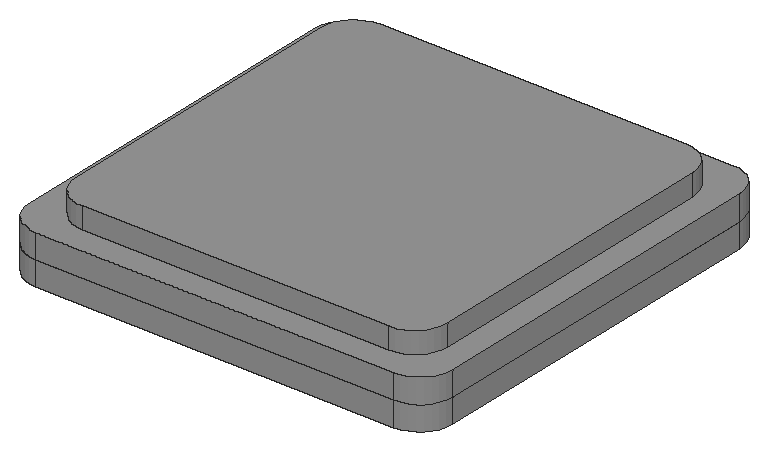
Revit family "FMS2_63_UN_Surface-mounted_ETK", category Lighting Fixtures, Revit 2019 (continued)
Definition of nested family "FMS.2 - Lightsource"
  Parameters (values of type "FMS.1110.10 - Ø270 / 18W / 1120lm / 4000K")
      .7123\t353.6741\t350.4978\t347.4596\t344.2833\t341.2451\t338.2069\r\n335.0306\t331.9924\t328.8161\t325.0874\t321.3587\t317.7681\t314.0394\t310.3107\t306.7201\t302.9914\r\n299.2627\t295.6721\t291.9434\t288.2147\t284.6241\t280.8954\t277.1667\t273.5761\t269.8474\t266.1187\r\n262.39\t258.7994\t255.0707\t251.342\t247.6133\t244.0227\t240.294\t236.5653\t232.9747\t229.246\r\n225.5173\t221.9267\t218.198\t214.3312\t210.4644\t206.5976\t202.7308\t198.864\t194.9972\t191.1304\r\n187.2636\t183.3968\t179.53\t175.6632\t171.7964\t167.9296\t164.0628\t160.196\t156.3292\t152.4624\r\n148.5956\t144.7288\t141.0001\t137.0781\t133.2251\t129.3721\t125.5053\t121.6523\t117.7993\t113.9463\r\n110.1071\t106.1022\t95.1233\t84.1443\t73.1792\t62.2002\t51.2351\t40.2561\t29.2772\t18.3121\r\n7.3359\t0\t0\t0\t0\t0\t0\t0\t0\t0\r\n0\t0\t0\t0\t0\t0\t0\t0\t0\t0\r\n0\r\n502.9602\t502.4078\t501.7173\t501.0268\t500.4744\t499.922\t499.2315\t498.6791\t497.9886\t497.4362\r\n496.8838\t496.1933\t495.6409\t495.0885\t494.5361\t493.9837\t493.4313\t492.8789\t492.1884\t491.636\r\n491.0836\t490.5312\t489.9788\t489.4264\t488.7359\t488.1835\t487.6311\t487.0787\t486.5263\t485.9739\r\n485.2834\t483.9024\t481.969\t480.0356\t477.9641\t476.0307\t473.9592\t472.0258\t469.9543\t468.0209\r\n465.9494\t463.8779\t461.9445\t459.873\t457.9396\t455.8681\t453.9347\t451.8632\t449.7917\t447.8583\r\n445.7868\t443.7153\t441.7819\t439.7104\t437.6389\t435.7055\t433.634\t431.5625\t429.491\t427.5576\r\n425.4861\t423.2765\t420.1002\t417.062\t414.0238\t410.9856\t407.9474\t404.9092\t401.7329\t398.6947\r\n395.6565\t392.6183\t389.5801\t386.4038\t383.3656\t380.3274\t377.2892\t374.1129\t371.0747\t368.0365\r\n364.9983\t361.822\t358.7838\t355.7456\t352.5693\t349.5311\t346.4929\t343.4547\t340.2784\t337.2402\r\n334.202\t331.0257\t327.4351\t323.7064\t320.1158\t316.3871\t312.6584\t309.0678\t305.3391\t301.7485\r\n298.0198\t294.4292\t290.7005\t287.1099\t283.3812\t279.7906\t276.0619\t272.3332\t268.7426\t265.0139\r\n261.4233\t257.6946\t254.104\t250.3753\t246.7847\t243.056\t239.4654\t235.7367\t232.1461\t228.4174\r\n224.8268\t221.0981\t217.2313\t213.3645\t209.4977\t205.769\t201.9022\t198.0354\t194.1686\t190.3018\r\n186.5731\t182.7063\t178.8395\t174.9727\t171.1059\t167.2391\t163.5104\t159.6436\t155.7768\t151.91\r\n148.0432\t144.1764\t140.4477\t136.5533\t132.7141\t128.8749\t125.0219\t121.1827\t117.3436\t113.5044\r\n109.6652\t101.8073\t90.8698\t79.9185\t68.9671\t58.0158\t47.0645\t36.1131\t25.1618\t14.2105\r\n3.2619\t0\t0\t0\t0\t0\t0\t0\t0\t0\r\n0\t0\t0\t0\t0\t0\t0\t0\t0\t0\r\n0\r\n502.9602\t502.4078\t501.7173\t501.0268\t500.4744\t499.7839\t499.2315\t498.541\t497.9886\t497.4362\r\n496.7457\t496.1933\t495.5028\t494.9504\t494.398\t493.7075\t493.1551\t492.6027\t491.9122\t491.3598\r\n490.8074\t490.1169\t489.5645\t489.0121\t488.4597\t487.7692\t487.2168\t486.6644\t486.112\t485.4215\r\n484.8691\t483.0738\t481.0023\t479.0689\t476.9974\t474.9259\t472.9925\t470.921\t468.9876\t466.9161\r\n464.9827\t462.9112\t460.8397\t458.9063\t456.8348\t454.9014\t452.8299\t450.8965\t448.825\t446.8916\r\n444.8201\t442.7486\t440.8152\t438.7437\t436.6722\t434.7388\t432.6673\t430.5958\t428.6624\t426.5909\r\n424.5194\t421.7574\t418.7192\t415.5429\t412.5047\t409.4665\t406.4283\t403.3901\t400.3519\t397.3137\r\n394.1374\t391.0992\t388.061\t385.0228\t381.9846\t378.9464\t375.9082\t372.87\t369.8318\t366.6555\r\n363.6173\t360.5791\t357.5409\t354.5027\t351.4645\t348.4263\t345.25\t342.2118\t339.1736\t336.1354\r\n333.0972\t329.5066\t325.916\t322.3254\t318.5967\t315.0061\t311.4155\t307.6868\t304.0962\t300.3675\r\n296.7769\t293.1863\t289.4576\t285.867\t282.2764\t278.5477\t274.9571\t271.2284\t267.6378\t264.0472\r\n260.3185\t256.7279\t253.1373\t249.4086\t245.818\t242.0893\t238.4987\t234.9081\t231.1794\t227.5888\r\n223.9982\t220.1314\t216.2646\t212.5359\t208.6691\t204.8023\t201.0736\t197.2068\t193.34\t189.6113\r\n185.7445\t181.8777\t178.149\t174.2822\t170.4154\t166.5486\t162.8199\t158.9531\t155.0863\t151.3576\r\n147.4908\t143.624\t139.7572\t135.9871\t132.1617\t128.3363\t124.511\t120.6718\t116.8464\t113.021\r\n109.1957\t99.0453\t88.1354\t77.2255\t66.3018\t55.3919\t44.482\t33.5583\t22.6484\t11.7302\r\n0.8141\t0\t0\t0\t0\t0\t0\t0\t0\t0\r\n0\t0\t0\t0\t0\t0\t0\t0\t0\t0\r\n0\r\n502.9602\t502.4078\t501.7173\t501.1649\t500.4744\t499.7839\t499.2315\t498.541\t497.9886\t497.2981\r\n496.7457\t496.0552\t495.5028\t494.8123\t494.2599\t493.5694\t493.017\t492.3265\t491.7741\t491.0836\r\n490.5312\t489.8407\t489.2883\t488.5978\t487.9073\t487.3549\t486.6644\t486.112\t485.4215\t484.8691\r\n484.1786\t482.2452\t480.1737\t478.1022\t476.1688\t474.0973\t472.0258\t470.0924\t468.0209\t465.9494\r\n464.016\t461.9445\t459.873\t457.9396\t455.8681\t453.9347\t451.8632\t449.7917\t447.8583\t445.7868\r\n443.7153\t441.7819\t439.7104\t437.6389\t435.7055\t433.634\t431.5625\t429.6291\t427.5576\t425.4861\r\n423.5527\t420.5145\t417.4763\t414.3\t411.2618\t408.2236\t405.1854\t402.1472\t399.109\t396.0708\r\n393.0326\t389.9944\t386.8181\t383.7799\t380.7417\t377.7035\t374.6653\t371.6271\t368.5889\t365.5507\r\n362.5125\t359.4743\t356.298\t353.2598\t350.2216\t347.1834\t344.1452\t341.107\t338.0688\t335.0306\r\n331.9924\t328.2637\t324.6731\t321.0825\t317.3538\t313.7632\t310.1726\t306.582\t302.8533\t299.2627\r\n295.6721\t291.9434\t288.3528\t284.7622\t281.0335\t277.4429\t273.8523\t270.1236\t266.533\t262.9424\r\n259.3518\t255.6231\t252.0325\t248.4419\t244.7132\t241.1226\t237.532\t233.8033\t230.2127\t226.6221\r\n223.0315\t219.1647\t215.2979\t211.5692\t207.7024\t203.9737\t200.1069\t196.2401\t192.5114\t188.6446\r\n184.9159\t181.0491\t177.3204\t173.4536\t169.5868\t165.8581\t161.9913\t158.2626\t154.3958\t150.6671\r\n146.8003\t142.9335\t139.2048\t135.3656\t131.5541\t127.7563\t123.9447\t120.1332\t116.3216\t112.5101\r\n108.7123\t97.8438\t86.9616\t76.0931\t65.2246\t54.3562\t43.4877\t32.6192\t21.7369\t10.8712\r\n0\t0\t0\t0\t0\t0\t0\t0\t0\t0\r\n0\t0\t0\t0\t0\t0\t0\t0\t0\t0\r\n0\r\n502.9602\t502.2697\t501.5792\t500.8887\t500.1982\t499.6458\t498.9553\t498.2648\t497.5743\t496.8838\r\n496.1933\t495.6409\t494.9504\t494.2599\t493.5694\t492.8789\t492.3265\t491.636\t490.9455\t490.255\r\n489.7026\t489.0121\t488.3216\t487.7692\t487.0787\t486.3882\t485.8358\t485.1453\t484.4548\t483.9024\r\n483.2119\t481.2785\t479.3451\t477.2736\t475.2021\t473.1306\t471.1972\t469.1257\t467.0542\t464.9827\r\n462.9112\t460.9778\t458.9063\t456.8348\t454.7633\t452.8299\t450.7584\t448.6869\t446.6154\t444.5439\r\n442.6105\t440.539\t438.4675\t436.396\t434.4626\t432.3911\t430.3196\t428.2481\t426.1766\t424.2432\r\n422.1717\t419.2716\t416.2334\t413.1952\t410.157\t406.9807\t403.9425\t400.9043\t397.8661\t394.8279\r\n391.7897\t388.6134\t385.5752\t382.537\t379.4988\t376.4606\t373.2843\t370.2461\t367.2079\t364.1697\r\n361.1315\t357.9552\t354.917\t351.8788\t348.8406\t345.8024\t342.6261\t339.5879\t336.5497\t333.5115\r\n330.4733\t326.8827\t323.2921\t319.7015\t315.9728\t312.3822\t308.7916\t305.201\t301.4723\t297.8817\r\n294.2911\t290.7005\t286.9718\t283.3812\t279.7906\t276.2\t272.4713\t268.8807\t265.2901\t261.6995\r\n258.1089\t254.3802\t250.7896\t247.199\t243.6084\t240.0178\t236.4272\t232.6985\t229.1079\t225.5173\r\n221.9267\t218.198\t214.3312\t210.6025\t206.7357\t203.007\t199.1402\t195.4115\t191.5447\t187.816\r\n183.9492\t180.2205\t176.3537\t172.625\t168.7582\t165.0295\t161.1627\t157.434\t153.5672\t149.8385\r\n145.9717\t142.243\t138.5143\t134.6613\t130.8636\t127.0796\t123.2819\t119.4979\t115.714\t111.9162\r\n108.1323\t98.0924\t87.2792\t76.466\t65.6527\t54.8533\t44.0401\t33.2269\t22.4274\t11.6142\r\n0.806\t0\t0\t0\t0\t0\t0\t0\t0\t0\r\n0\t0\t0\t0\t0\t0\t0\t0\t0\t0\r\n0\r\n502.9602\t502.2697\t501.5792\t500.7506\t500.0601\t499.3696\t498.6791\t497.9886\t497.16\t496.4695\r\n495.779\t495.0885\t494.398\t493.7075\t493.1551\t492.4646\t491.7741\t491.0836\t490.3931\t489.7026\r\n489.1502\t488.4597\t487.7692\t487.0787\t486.3882\t485.6977\t485.0072\t484.3167\t483.6262\t482.9357\r\n482.2452\t480.8642\t478.7927\t476.7212\t474.6497\t472.5782\t470.5067\t468.4352\t466.3637\t464.1541\r\n462.0826\t460.0111\t457.9396\t455.8681\t453.7966\t451.7251\t449.6536\t447.5821\t445.5106\t443.4391\r\n441.3676\t439.2961\t437.0865\t435.015\t432.9435\t430.872\t428.8005\t426.729\t424.5194\t422.4479\r\n420.3764\t418.0287\t414.9905\t411.9523\t408.9141\t405.7378\t402.6996\t399.6614\t396.4851\t393.4469\r\n390.4087\t387.3705\t384.1942\t381.156\t378.1178\t374.9415\t371.9033\t368.727\t365.6888\t362.6506\r\n359.4743\t356.4361\t353.3979\t350.2216\t347.1834\t344.1452\t340.9689\t337.9307\t334.8925\t331.8543\r\n328.678\t325.6398\t321.9111\t318.3205\t314.7299\t311.1393\t307.4106\t303.82\t300.2294\t296.6388\r\n292.9101\t289.3195\t285.7289\t282.1383\t278.5477\t274.9571\t271.2284\t267.6378\t264.0472\t260.4566\r\n256.866\t253.2754\t249.5467\t245.9561\t242.3655\t238.7749\t235.1843\t231.5937\t228.0031\t224.4125\r\n220.8219\t217.0932\t213.3645\t209.4977\t205.769\t202.0403\t198.1735\t194.4448\t190.578\t186.8493\r\n183.1206\t179.2538\t175.5251\t171.6583\t167.9296\t164.2009\t160.3341\t156.6054\t152.7386\t149.0099\r\n145.2812\t141.4144\t137.6995\t133.9294\t130.1593\t126.3891\t122.619\t118.8489\t115.0787\t111.3086\r\n107.5523\t99.8463\t89.1021\t78.3579\t67.6138\t56.8834\t46.1392\t35.4088\t24.6647\t13.9343\r\n3.197\t0\t0\t0\t0\t0\t0\t0\t0\t0\r\n0\t0\t0\t0\t0\t0\t0\t0\t0\t0\r\n0\r\n502.9602\t502.2697\t501.4411\t500.6125\t499.922\t499.0934\t498.4029\t497.7124\t496.8838\t496.1933\r\n495.5028\t494.8123\t494.1218\t493.4313\t492.7408\t492.0503\t491.3598\t490.6693\t489.9788\t489.1502\r\n488.4597\t487.7692\t487.0787\t486.3882\t485.5596\t484.8691\t484.0405\t483.35\t482.5214\t481.8309\r\n481.0023\t480.3118\t478.1022\t476.0307\t473.9592\t471.8877\t469.6781\t467.6066\t465.5351\t463.3255\r\n461.254\t459.0444\t456.9729\t454.7633\t452.6918\t450.6203\t448.4107\t446.3392\t444.2677\t442.0581\r\n439.9866\t437.777\t435.7055\t433.634\t431.4244\t429.3529\t427.2814\t425.0718\t423.0003\t420.7907\r\n418.7192\t416.5096\t414.1619\t410.9856\t407.8093\t404.7711\t401.5948\t398.5566\t395.3803\t392.204\r\n389.1658\t385.9895\t382.9513\t379.775\t376.7368\t373.5605\t370.3842\t367.346\t364.1697\t361.1315\r\n357.9552\t354.7789\t351.7407\t348.5644\t345.5262\t342.3499\t339.3117\t336.1354\t333.0972\t330.059\r\n326.8827\t323.8445\t320.8063\t317.0776\t313.487\t309.7583\t306.1677\t302.5771\t298.8484\t295.2578\r\n291.6672\t287.9385\t284.3479\t280.7573\t277.1667\t273.438\t269.8474\t266.2568\t262.6662\t259.0756\r\n255.3469\t251.7563\t248.1657\t244.5751\t240.9845\t237.3939\t233.8033\t230.2127\t226.6221\t223.0315\r\n219.4409\t215.8503\t212.2597\t208.3929\t204.6642\t200.7974\t197.0687\t193.34\t189.4732\t185.7445\r\n182.0158\t178.149\t174.4203\t170.6916\t166.8248\t163.0961\t159.3674\t155.6387\t151.91\t148.1813\r\n144.3145\t140.5858\t136.8709\t133.1284\t129.3997\t125.6572\t121.9147\t118.1722\t114.4435\t110.7148\r\n106.9723\t103.0917\t92.4303\t81.7552\t71.0939\t60.4326\t49.7712\t39.1099\t28.4486\t17.7873\r\n7.1246\t0\t0\t0\t0\t0\t0\t0\t0\t0\r\n0\t0\t0\t0\t0\t0\t0\t0\t0\t0\r\n0\r\n502.9602\t502.1316\t501.303\t500.6125\t499.7839\t498.9553\t498.1267\t497.4362\t496.7457\t496.0552\r\n495.3647\t494.6742\t493.9837\t493.1551\t492.4646\t491.636\t490.9455\t490.1169\t489.4264\t488.5978\r\n487.9073\t487.0787\t486.2501\t485.4215\t484.5929\t483.9024\t483.0738\t482.2452\t481.4166\t480.588\r\n479.7594\t478.9308\t477.826\t475.6164\t473.4068\t471.1972\t468.9876\t466.9161\t464.7065\t462.635\r\n460.4254\t458.2158\t456.1443\t453.9347\t451.7251\t449.5155\t447.3059\t445.0963\t443.0248\t440.8152\r\n438.6056\t436.396\t434.1864\t431.9768\t429.9053\t427.6957\t425.4861\t423.2765\t421.0669\t418.7192\r\n416.5096\t414.3\t412.0904\t410.0189\t406.9807\t403.8044\t400.6281\t397.4518\t394.2755\t391.0992\r\n387.9229\t384.7466\t381.5703\t378.394\t375.3558\t372.1795\t369.0032\t365.8269\t362.6506\t359.4743\r\n356.298\t353.1217\t350.0835\t346.9072\t343.7309\t340.5546\t337.3783\t334.3401\t331.1638\t327.9875\r\n324.9493\t321.773\t318.5967\t315.5585\t312.2441\t308.5154\t304.9248\t301.1961\t297.6055\t293.8768\r\n290.2862\t286.6956\t282.9669\t279.3763\t275.7857\t272.057\t268.4664\t264.8758\t261.1471\t257.5565\r\n253.9659\t250.3753\t246.6466\t243.056\t239.4654\t235.8748\t232.1461\t228.5555\t224.9649\t221.3743\r\n217.7837\t214.1931\t210.6025\t207.0119\t203.2832\t199.5545\t195.8258\t191.959\t188.2303\t184.5016\r\n180.7729\t177.0442\t173.3155\t169.5868\t165.72\t161.9913\t158.2626\t154.5339\t150.8052\t147.0765\r\n143.4859\t139.7572\t135.9871\t132.286\t128.5711\t124.8562\t121.1551\t117.454\t113.753\t110.0519\r\n106.3508\t102.6497\t97.1395\t86.5473\t75.9688\t65.3903\t54.8119\t44.2334\t33.655\t23.0903\r\n12.5146\t1.9444\t0\t0\t0\t0\t0\t0\t0\t0\r\n0\t0\t0\t0\t0\t0\t0\t0\t0\t0\r\n0\r\n502.9602\t502.1316\t501.303\t500.4744\t499.6458\t498.8172\t498.1267\t497.4362\t496.7457\t496.0552\r\n495.2266\t494.398\t493.7075\t492.8789\t492.0503\t491.3598\t490.5312\t489.7026\t488.874\t488.0454\r\n487.2168\t486.3882\t485.4215\t484.5929\t483.7643\t482.7976\t481.969\t481.0023\t480.0356\t479.0689\r\n478.1022\t477.2736\t476.3069\t475.3402\t473.1306\t470.921\t468.7114\t466.5018\t464.2922\t462.0826\r\n459.7349\t457.5253\t455.3157\t453.1061\t450.8965\t448.5488\t446.3392\t443.9915\t441.7819\t439.4342\r\n437.2246\t434.8769\t432.6673\t430.4577\t428.11\t425.9004\t423.5527\t421.3431\t418.9954\t416.7858\r\n414.4381\t412.2285\t409.8808\t407.5331\t405.3235\t402.9758\t399.7995\t396.6232\t393.3088\t390.1325\r\n386.9562\t383.7799\t380.4655\t377.2892\t373.9748\t370.7985\t367.6222\t364.3078\t361.1315\t357.9552\r\n354.7789\t351.6026\t348.4263\t345.25\t342.0737\t338.8974\t335.7211\t332.5448\t329.3685\t326.0541\r\n322.8778\t319.7015\t316.5252\t313.3489\t310.1726\t306.9963\t303.6819\t299.9532\t296.3626\t292.6339\r\n288.9052\t285.3146\t281.5859\t277.8572\t274.2666\t270.5379\t266.9473\t263.2186\t259.628\t255.8993\r\n252.3087\t248.7181\t245.1275\t241.3988\t237.8082\t234.2176\t230.627\t227.0364\t223.4458\t219.8552\r\n216.2646\t212.674\t209.0834\t205.4928\t201.9022\t198.3116\t194.4448\t190.7161\t186.9874\t183.2587\r\n179.53\t175.8013\t172.0726\t168.3439\t164.6152\t160.8865\t157.1578\t153.4291\t149.7004\t145.9717\r\n142.243\t138.6524\t134.9237\t131.2364\t127.5492\t123.8757\t120.2022\t116.5288\t112.8553\t109.1957\r\n105.5222\t101.8764\t98.2167\t92.527\t82.0452\t71.5772\t61.1093\t50.6413\t40.1733\t29.7191\r\n19.2511\t8.7956\t0\t0\t0\t0\t0\t0\t0\t0\r\n0\t0\t0\t0\t0\t0\t0\t0\t0\t0\r\n0\r\n502.9602\t502.1316\t501.303\t500.3363\t499.5077\t498.8172\t498.1267\t497.4362\t496.7457\t495.9171\r\n495.0885\t494.2599\t493.4313\t492.6027\t491.7741\t490.9455\t490.1169\t489.2883\t488.3216\t487.493\r\n486.5263\t485.5596\t484.5929\t483.6262\t482.6595\t481.6928\t480.7261\t479.7594\t478.7927\t477.826\r\n476.7212\t475.7545\t474.6497\t473.5449\t472.5782\t470.7829\t468.4352\t466.2256\t463.8779\t461.5302\r\n459.3206\t456.9729\t454.6252\t452.2775\t450.0679\t447.7202\t445.3725\t443.0248\t440.6771\t438.3294\r\n435.9817\t433.634\t431.1482\t428.8005\t426.4528\t424.1051\t421.7574\t419.4097\t417.062\t414.7143\r\n412.2285\t409.8808\t407.5331\t405.1854\t402.6996\t400.3519\t398.0042\t395.6565\t392.7564\t389.442\r\n386.2657\t382.9513\t379.6369\t376.3225\t373.0081\t369.6937\t366.3793\t363.0649\t359.7505\t356.5742\r\n353.2598\t350.0835\t346.7691\t343.4547\t340.2784\t336.964\t333.7877\t330.4733\t327.1589\t323.9826\r\n320.8063\t317.4919\t314.3156\t311.1393\t307.8249\t304.6486\t301.4723\t298.296\t295.1197\t291.5291\r\n287.6623\t283.9336\t280.2049\t276.4762\t272.7475\t269.1569\t265.4282\t261.6995\t258.1089\t254.3802\r\n250.7896\t247.0609\t243.4703\t239.7416\t236.151\t232.5604\t228.8317\t225.2411\t221.6505\t217.9218\r\n214.3312\t210.7406\t207.15\t203.5594\t199.9688\t196.3782\t192.7876\t189.3351\t185.6064\t181.7396\r\n178.0109\t174.2822\t170.5535\t166.9629\t163.2342\t159.5055\t155.7768\t152.0481\t148.4575\t144.7288\r\n141.0001\t137.3957\t133.7222\t130.0764\t126.4167\t122.7709\t119.1389\t115.5068\t111.8748\t108.2428\r\n104.6246\t101.0202\t97.4019\t93.8113\t89.3369\t78.9794\t68.6219\t58.2644\t47.9207\t37.577\r\n27.2471\t16.9034\t6.568\t0\t0\t0\t0\t0\t0\t0\r\n0\t0\t0\t0\t0\t0\t0\t0\t0\t0\r\n0\r\n502.9602\t502.1316\t501.1649\t500.3363\t499.5077\t498.8172\t498.1267\t497.4362\t496.6076\t495.779\r\n494.9504\t494.1218\t493.2932\t492.4646\t491.636\t490.6693\t489.7026\t488.874\t487.9073\t486.8025\r\n485.8358\t484.8691\t483.7643\t482.7976\t481.8309\t480.7261\t479.6213\t478.5165\t477.4117\t476.3069\r\n475.2021\t474.0973\t472.9925\t471.7496\t470.6448\t469.4019\t468.159\t466.0875\t463.7398\t461.3921\r\n459.0444\t456.6967\t454.2109\t451.8632\t449.3774\t446.8916\t444.5439\t442.0581\t439.7104\t437.2246\r\n434.8769\t432.3911\t429.9053\t427.4195\t424.9337\t422.586\t420.1002\t417.6144\t415.1286\t412.6428\r\n410.2951\t407.8093\t405.3235\t402.8377\t400.2138\t397.728\t395.2422\t392.7564\t390.2706\t387.9229\r\n385.4371\t382.2608\t378.9464\t375.632\t372.1795\t368.8651\t365.4126\t362.0982\t358.6457\t355.3313\r\n352.0169\t348.7025\t345.3881\t341.9356\t338.6212\t335.3068\t331.8543\t328.5399\t325.2255\t322.0492\r\n318.7348\t315.4204\t312.106\t308.7916\t305.4772\t302.3009\t298.9865\t295.6721\t292.3577\t289.0433\r\n285.7289\t282.5526\t278.962\t275.2333\t271.5046\t267.7759\t264.0472\t260.3185\t256.5898\t252.8611\r\n249.1324\t245.4037\t241.675\t237.9463\t234.3557\t230.627\t226.8983\t223.3077\t219.7171\t216.1265\r\n212.5359\t208.9453\t205.2166\t201.626\t198.0354\t194.4448\t190.8542\t187.2636\t183.673\t180.2205\r\n176.4918\t172.7631\t169.0344\t165.3057\t161.577\t157.9864\t154.2577\t150.6671\t146.9384\t143.3478\r\n139.6191\t136.0561\t132.4379\t128.8335\t125.2015\t121.5832\t117.965\t114.3606\t110.7562\t107.1656\r\n103.5888\t100.012\t96.449\t92.8999\t89.3507\t85.8153\t77.1979\t66.9785\t56.7591\t46.5535\r\n36.3479\t26.1423\t15.9367\t5.7353\t0\t0\t0\t0\t0\t0\r\n0\t0\t0\t0\t0\t0\t0\t0\t0\t0\r\n0\r\n502.9602\t502.1316\t501.1649\t500.3363\t499.5077\t498.8172\t498.1267\t497.2981\t496.4695\t495.6409\r\n494.8123\t493.9837\t493.1551\t492.3265\t491.3598\t490.3931\t489.4264\t488.3216\t487.3549\t486.3882\r\n485.2834\t484.1786\t483.2119\t481.969\t480.8642\t479.7594\t478.5165\t477.4117\t476.1688\t475.064\r\n473.8211\t472.5782\t471.1972\t469.9543\t468.7114\t467.3304\t465.9494\t464.7065\t463.3255\t461.3921\r\n458.9063\t456.4205\t453.9347\t451.4489\t449.1012\t446.4773\t443.9915\t441
